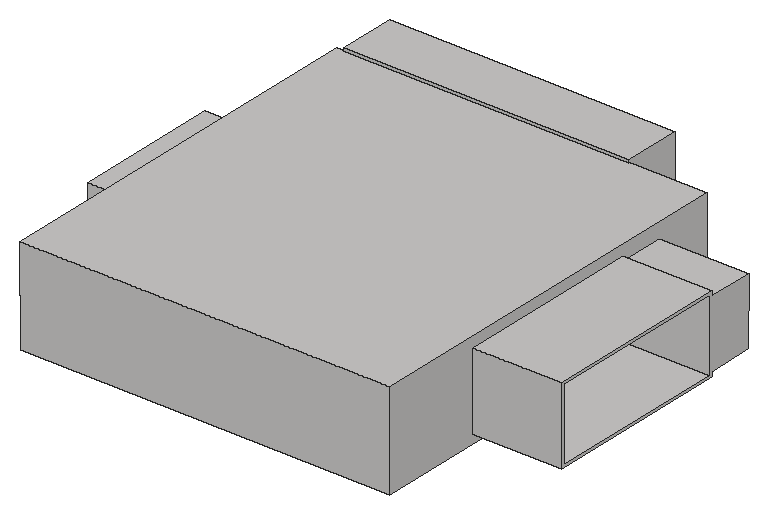
Revit family
Parameters
  Width = 3' - 7"
  Voltage = 277 V
  Unit Weight = "176.0 lbs"
  URL = "http://www.titus-hvac.com/"
  UL = "181"
  Supply Air Flow [instance] = 0 CFM
  Primary Air Pressure Drop [instance] = 0.00 in-wg
  Primary Air Flow [instance] = 0 CFM
  Plenum Air Pressure Drop [instance] = 0.00 in-wg
  Plenum Air Flow [instance] = 0 CFM
  Outlet Width = 1' - 8 3/8"
  Outlet Vertical Offset = 0' - 1 7/8"
  Outlet Horizontal Offset = 0' 11 1/4" + 0' 0 1/4"  # 0' - 11 1/2"
  Outlet Height = 0' - 8 3/8"
  Offset = 0' - 0 7/8"
  Number of Poles = 1
  Nominal Width = Width + 0' 6 1/4"  # 4' - 1 1/4"
  Nominal Length = Length + 0' 3 3/8" + 0' 9 3/4"  # 4' - 5 3/8"
  Nominal Inlet Width = 1' - 4"
  Nominal Inlet Height = 0' - 8"
  Nominal Height = 0' - 10 3/4"
  No. of Motors = 2
  NFPA = "90A"
  Motor Full Load Amps [instance] = 2.5 A
  Model = "DFLS"
  Min. Air Flow = 0 CFM
  Max. Air Flow = 1860 CFM
  Material = Steel
  Manufacturer = "Titus"
  Lynergy Controlled Heater = no
  Length = 3' - 4 1/4"
  Juction Box Offset = 0' - 0 3/4"
  Inlet Width = Nominal Inlet Width - 0' 0 1/8"  # 1' - 3 7/8"
  Inlet Height = Nominal Inlet Height - 0' 0 1/8"  # 0' - 7 7/8"
  Induced Air Inlet Offset = 0' - 1 1/8"
  Induced Air Inlet Width = 0' - 10 3/8"
  Induced Air Inlet Height = 0' - 8 3/4"
  Induced Air Filter = no
  Height = 0' - 10 1/2"
  Heating Total Capacity [instance] = 0 Btu/h
  Half Outlet Connection Width = Outlet Width / 2  # 0' - 10 3/16"
  Half Outlet Connection Height = Outlet Height / 2  # 0' - 4 3/16"
  Half Height Start = -(Height / 2)  # -0' - 5 1/4"
  Half Height End = Height / 2  # 0' - 5 1/4"
  HP-Motor = "1/6"
  Fuse Block = no
  Frequency = 60 Hz
  Foil Face Liner = Choose Liner Option = 1  # no
  Fiber Free Liner = Choose Liner Option = 2  # no
  Fan Disconnect Switch = no
  Electric Heat Power [instance] = 0 VA
  Description = "Series Fan Powered Terminal Unit, Direct Digital Control, Pressure Independent, Low Profile"
  Connection Void Radius = Connection Radius - 0' 0 1/4"  # 0' - 3 11/16"
  Connection Radius = Inlet Height / 2  # 0' - 3 15/16"
  Choose Liner Option = 0
  CADworks URL = "www.CADworks.net"
  Assembly Code = "D3040100"
  Apparent Power [instance] = Electric Heat Power + Motor Full Load Amps * Voltage  # 692.5 VA
  Air Inlet Offset = 1' - 9 5/8"
  1/2" Fiberglass Liner = Choose Liner Option = 0  # yes
Reference planes (in)
  plane 1 "Center (Front/Back)": y = 0
  plane 2: z = 0
  plane 3 "Center (Left/Right)": x = 3
  plane 4: x = -17.125
  plane 5: x = 23.125
  plane 6: x = -16.375
  plane 7: x = -20.5
  plane 8 "Center (Elevation)": z = 0
  plane 9: y = -21.5
  plane 10: y = 21.5
  plane 11: y = -0.125
  plane 12: y = -20.375
  plane 13: x = 32.875
  plane 14: y = 27.75
  plane 15: y = 20.375
  plane 16: x = -11.125
  plane 17: z = 5.25
  plane 18: z = -5.25
Forms (in)
  Extrusion 1, solid, material "Steel" <- "Material"
    sketch origin (0, 0, 0) x (1, 0, 0) y (0, 1, 0)
      loop
        line (-17.125, 21.5) -> (-17.125, -21.5) -> (23.125, -21.5) -> (23.125, 21.5) -> (-17.125, 21.5)
    from -5.25 <- "Half Height Start" to 5.25 <- "Half Height End"
  Extrusion 2, solid, material "Steel" <- "Material"
    sketch origin (2.25, 0, -4.125) x (1, 0, 0) y (0, 1, 0)
      loop
        line (-18.625, 21.5) -> (12.375, 21.5) -> (12.375, 27.75) -> (-18.625, 27.75) -> (-18.625, 21.5)
    from 0 to 9.625
  Extrusion 3, solid, material "Steel" <- "Material"
    sketch origin (-27.9375, -3.125, 0) x (0, 0, -1) y (0, 1, 0)
      loop
        line (-3.9375, -4.9375) -> (3.9375, -4.9375) -> (3.9375, 10.9375) -> (-3.9375, 10.9375) -> (-3.9375, -4.9375)
    from 7.4375 to 10.8125
  Extrusion 4, void
    sketch origin (-17.125, -21.5, 0) x (0, -1, 0) y (0, 0, -1)
      loop
        line (-11.5, -4.375) -> (-1.125, -4.375) -> (-1.125, 4.375) -> (-11.5, 4.375) -> (-11.5, -4.375)
    from 0 to 6
  Extrusion 5, void
    sketch origin (-27.9375, -11, 0) x (0, 1, 0) y (0, 0, 1)
      loop
        line (18.5625, 3.6875) -> (3.1875, 3.6875) -> (3.1875, -3.6875) -> (18.5625, -3.6875) -> (18.5625, 3.6875)
    from 7.4375 to 16.8125
  Extrusion 6, void
    sketch origin (-17.125, 21.5, 0) x (0, 1, 0) y (0, 0, 1)
      loop
        line (-11.5, 4.375) -> (-11.5, -4.375) -> (-1.125, -4.375) -> (-1.125, 4.375) -> (-11.5, 4.375)
    from 0 to 6
  Extrusion 7, solid, material "Steel" <- "Material"
    sketch origin (24.125, -40.875, 0) x (0, 1, 0) y (0, 0, 1)
      loop
        line (55.875, -3.6875) -> (55.875, 3.6875) -> (50.875, 3.6875) -> (50.875, 4.1875) -> (30.5, 4.1875) -> (30.5, -4.1875) -> (50.875, -4.1875) -> (50.875, -3.6875) -> (55.875, -3.6875)
      loop
        line (50.625, -3.9375) -> (50.625, 3.9375) -> (30.75, 3.9375) -> (30.75, -3.9375) -> (50.625, -3.9375)
    from -1 to 8.75
Cuts and joins
  Extrusion 4, Extrusion 5, Extrusion 6 cuts Extrusion 1
  Extrusion 5 cuts Extrusion 3
Dimensions and locks (in)
  "Length": plane 5 to plane 4
  equal spacing: plane 5, plane 3 "Center (Left/Right)", plane 4
  locked: Extrusion 2 to Extrusion 2 at 31
  "Juction Box Offset": plane 6 to plane 4
  locked: plane 4 to plane 7 at 3.375
  "Width": plane 9 to plane 10
  equal spacing: plane 9, plane 1 "Center (Front/Back)", plane 10, locked at 21.5 each
  locked: Extrusion 2 to Extrusion 2 at 6.25
  "Air Inlet Offset": plane 10 to plane 11
  "Induced Air Inlet Offset": plane 9 to plane 12
  "Induced Air Inlet Width": Extrusion 4 sketch curve to Extrusion 4 sketch curve
  "Induced Air Inlet Height": Extrusion 4 sketch curve to Extrusion 4 sketch curve
  "Induced Air Inlet Offset": Extrusion 4 sketch curve to plane 9
  "Inlet Width": Extrusion 3 sketch curve to Extrusion 3 sketch curve
  equal spacing: Extrusion 3 sketch curve, plane 11, Extrusion 3 sketch curve
  "Inlet Height": Extrusion 3 sketch curve to Extrusion 3 sketch curve
  equal spacing: Extrusion 3 sketch curve, plane 8 "Center (Elevation)", Extrusion 3 sketch curve
  "Offset": cut or joined group of Extrusion 1, Extrusion 4, Extrusion 5, Extrusion 6 to Extrusion 4 sketch curve
  "Induced Air Inlet Width": Extrusion 6 sketch curve to Extrusion 6 sketch curve
  "Induced Air Inlet Height": Extrusion 6 sketch curve to Extrusion 6 sketch curve
  locked: Extrusion 7 sketch curve to Extrusion 7 sketch curve at 5  (x2)
  "Offset": cut or joined group of Extrusion 1, Extrusion 4, Extrusion 5, Extrusion 6 to Extrusion 6 sketch curve
  "Induced Air Inlet Offset": plane 15 to plane 10
  equal spacing: plane 17, level, plane 18, locked at 5.25 each
  locked: Extrusion 2 to Extrusion 2 at 9.625
  locked: plane 18 to Extrusion 2 at 1.125
  "Induced Air Inlet Offset": Extrusion 6 sketch curve to plane 10
  cut or joined group of Extrusion 3, Extrusion 5 to cut or joined group of Extrusion 3, Extrusion 5 = 1' - 3 7/8"
  equal spacing: cut or joined group of Extrusion 3, Extrusion 5, plane 11, cut or joined group of Extrusion 3, Extrusion 5, locked at 7.9375 each
  locked: cut or joined group of Extrusion 3, Extrusion 5 to cut or joined group of Extrusion 3, Extrusion 5 at 0.25  (x2)
  "Outlet Width": Extrusion 7 sketch curve to Extrusion 7 sketch curve
  "Outlet Height": Extrusion 7 sketch curve to Extrusion 7 sketch curve
  equal spacing: Extrusion 7 sketch curve, level, Extrusion 7 sketch curve, locked at 4.1875 each
  locked: Extrusion 7 sketch curve to Extrusion 7 sketch curve at 0.25  (x6)
  locked: plane 9 to Extrusion 7 sketch curve at 11.125
  Extrusion 7 sketch curve to Extrusion 7 sketch curve = 0' - 7 3/8"
  equal spacing: Extrusion 7 sketch curve, level, Extrusion 7 sketch curve, locked at 3.6875 each
  locked: Extrusion 7 sketch curve to Extrusion 7 sketch curve at 0.5  (x2)
  locked: plane 5 to plane 13 at 9.75
  aligned and locked: plane 5 to Extrusion 7
  aligned and locked: plane 13 to Extrusion 7
  aligned and locked: plane 7 to cut or joined group of Extrusion 3, Extrusion 5  (x2)
  aligned and locked: plane 4 to cut or joined group of Extrusion 3, Extrusion 5
  aligned and locked: Extrusion 7 to cut or joined group of Extrusion 1, Extrusion 4, Extrusion 5, Extrusion 6
  aligned and locked: plane 16 to Extrusion 4
  aligned and locked: Extrusion 4 to Extrusion 5
  aligned and locked: Extrusion 5 to plane 7
  aligned and locked: Extrusion 5 to Extrusion 6
  aligned and locked: plane 6 to Extrusion 2
  aligned and locked: plane 14 to Extrusion 2
  aligned and locked: plane 10 to Extrusion 2
  aligned and locked: plane 4 to cut or joined group of Extrusion 1, Extrusion 4, Extrusion 5, Extrusion 6  (x3)
  aligned and locked: plane 15 to cut or joined group of Extrusion 1, Extrusion 4, Extrusion 5, Extrusion 6
  aligned and locked: plane 16 to cut or joined group of Extrusion 1, Extrusion 4, Extrusion 5, Extrusion 6  (x3)
  aligned and locked: plane 5 to cut or joined group of Extrusion 1, Extrusion 4, Extrusion 5, Extrusion 6
  aligned and locked: plane 9 to cut or joined group of Extrusion 1, Extrusion 4, Extrusion 5, Extrusion 6
  aligned and locked: plane 12 to cut or joined group of Extrusion 1, Extrusion 4, Extrusion 5, Extrusion 6
  aligned and locked: plane 17 to cut or joined group of Extrusion 1, Extrusion 4, Extrusion 5, Extrusion 6
  aligned and locked: plane 18 to cut or joined group of Extrusion 1, Extrusion 4, Extrusion 5, Extrusion 6
Automatic sketch dimensions
  Extrusion 1 sketch curve to plane 4 = 0' - 0"
  Extrusion 1 sketch curve to plane 5 = 0' - 0"
  Extrusion 1 sketch curve to plane 9 = 0' - 0"
  Extrusion 1 sketch curve to plane 10 = 0' - 0"
  Extrusion 2 sketch curve to plane 6 = 0' - 0"
  Extrusion 2 sketch curve to plane 10 = 0' - 0"
  plane 3 "Center (Left/Right)" to Extrusion 2 sketch curve = 0' - 11 5/8"
  Extrusion 2 sketch curve to Extrusion 2 sketch curve = 0' - 6 1/4"
  level to Extrusion 5 sketch curve = 0' - 3 11/16"
  plane 11 to Extrusion 5 sketch curve = 0' - 7 11/16"
  Extrusion 5 sketch curve to level = 0' - 3 11/16"
  Extrusion 5 sketch curve to plane 1 "Center (Front/Back)" = 0' - 7 9/16"
Connectors (in)
  electrical at (-0.875, 27.75, 0.6875), driven by "Apparent Power", driven by "Voltage", driven by "Number of Poles"
    settings: on Extrusion 2, index 8
  hvac at (-20.5, -0.125, 0), driven by "Primary Air Flow", driven by "Inlet Height", driven by "Inlet Width", driven by "Primary Air Pressure Drop"
    settings: on cut or joined group of Extrusion 3, Extrusion 5, index 12
  hvac at (-17.125, -15.1875, 0), driven by "Plenum Air Flow", driven by "Induced Air Inlet Height", driven by "Induced Air Inlet Width", driven by "Plenum Air Pressure Drop"
    settings: on cut or joined group of Extrusion 1, Extrusion 4, Extrusion 5, Extrusion 6, index 14
  hvac at (-17.125, 15.1875, 0), driven by "Plenum Air Flow", driven by "Induced Air Inlet Height", driven by "Induced Air Inlet Width", driven by "Plenum Air Pressure Drop"
    settings: on cut or joined group of Extrusion 1, Extrusion 4, Extrusion 5, Extrusion 6, index 15
  hvac at (32.875, -0.1875, 0), driven by "Supply Air Flow", driven by "Outlet Height", driven by "Outlet Width"
    settings: on Extrusion 7, index 17
